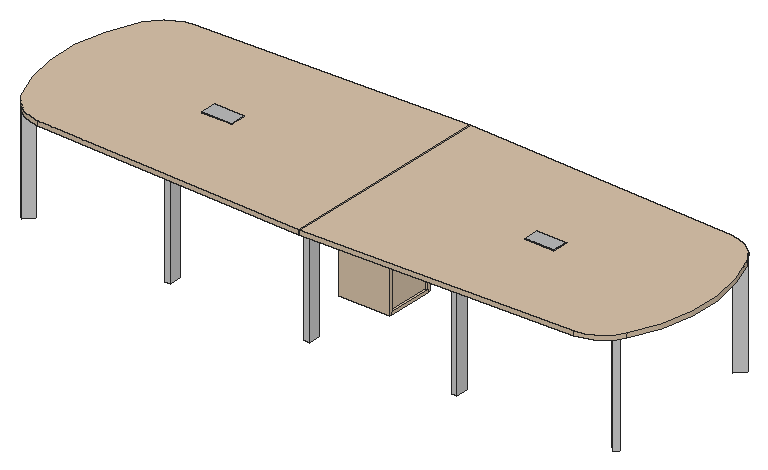
Revit family "Haworth_Planes_ConferenceTable_PebbleTwoPiece", category Furniture Systems, Revit 2018 (continued)
Definition of nested family "Haworth_Planes_Worksurface_Pebble_2Piece_PART"
  Definition of nested family "Haworth_Planes_Worksurface_Pebble42_TwoPiece_Part"
    Dimensions and locks (in)
      aligned and locked: plane 4 "Table Top" to Extrusion 9
      aligned and locked: plane 4 "Table Top" to Extrusion 10
      aligned and locked: plane 4 "Table Top" to Extrusion 1
      aligned and locked: plane 4 "Table Top" to Extrusion 5
      aligned and locked: plane 4 "Table Top" to Extrusion 7
      aligned and locked: plane 4 "Table Top" to Extrusion 2
      aligned and locked: plane 4 "Table Top" to Extrusion 3
      aligned and locked: plane 4 "Table Top" to Extrusion 4
      aligned and locked: plane 4 "Table Top" to Extrusion 6
      aligned and locked: plane 4 "Table Top" to Extrusion 8
      aligned and locked: Extrusion 1 to plane 5 "Table Bottom"
      aligned and locked: Extrusion 2 to plane 5 "Table Bottom"
      aligned and locked: Extrusion 3 to plane 5 "Table Bottom"
      aligned and locked: Extrusion 4 to plane 5 "Table Bottom"
      aligned and locked: Extrusion 5 to plane 5 "Table Bottom"
      aligned and locked: Extrusion 6 to plane 5 "Table Bottom"
      aligned and locked: Extrusion 10 to plane 5 "Table Bottom"
      aligned and locked: Extrusion 9 to plane 5 "Table Bottom"
      aligned and locked: Extrusion 7 to plane 5 "Table Bottom"
      aligned and locked: Extrusion 8 to plane 5 "Table Bottom"
      aligned and locked: plane 4 "Table Top" to Extrusion 20
      aligned and locked: plane 4 "Table Top" to Extrusion 19
      aligned and locked: plane 4 "Table Top" to Extrusion 18
      aligned and locked: plane 4 "Table Top" to Extrusion 17
      aligned and locked: plane 4 "Table Top" to Extrusion 16
      aligned and locked: plane 4 "Table Top" to Extrusion 15
      aligned and locked: plane 4 "Table Top" to Extrusion 14
      aligned and locked: plane 4 "Table Top" to Extrusion 13
      aligned and locked: plane 4 "Table Top" to Extrusion 12
      aligned and locked: plane 4 "Table Top" to Extrusion 11
      aligned and locked: Extrusion 20 to plane 5 "Table Bottom"
      aligned and locked: Extrusion 19 to plane 5 "Table Bottom"
      aligned and locked: Extrusion 18 to plane 5 "Table Bottom"
      aligned and locked: Extrusion 17 to plane 5 "Table Bottom"
      aligned and locked: Extrusion 16 to plane 5 "Table Bottom"
      aligned and locked: Extrusion 15 to plane 5 "Table Bottom"
      aligned and locked: Extrusion 14 to plane 5 "Table Bottom"
      aligned and locked: Extrusion 13 to plane 5 "Table Bottom"
      aligned and locked: Extrusion 12 to plane 5 "Table Bottom"
      aligned and locked: Extrusion 11 to plane 5 "Table Bottom"
    Automatic sketch dimensions
      plane 1 "Center F/B" to Extrusion 1 sketch curve = 0"
      Extrusion 1 sketch curve to plane 3 "Center L/R" = 0"
      Extrusion 1 sketch curve to plane 3 "Center L/R" = 1.43592"  (x2)
      Extrusion 1 sketch curve to plane 3 "Center L/R" = 17.68"
      plane 1 "Center F/B" to Extrusion 1 sketch curve = 6.38213"
      Extrusion 1 sketch curve to Extrusion 1 sketch curve = 32.37697"
      Extrusion 1 sketch curve to Extrusion 1 sketch curve = 0"  (x4)
      plane 1 "Center F/B" to Extrusion 1 sketch curve = 20.84"
      Extrusion 1 sketch curve to Extrusion 1 sketch curve = 452.04605"  (x2)
      Extrusion 1 sketch curve to plane 1 "Center F/B" = 6.38213"
      Extrusion 1 sketch curve to plane 1 "Center F/B" = 20.84"
      plane 1 "Center F/B" to Extrusion 2 sketch curve = 0"
      Extrusion 2 sketch curve to plane 3 "Center L/R" = 0"
      Extrusion 2 sketch curve to plane 3 "Center L/R" = 1.44756"  (x2)
      Extrusion 2 sketch curve to plane 3 "Center L/R" = 20.68"
      plane 1 "Center F/B" to Extrusion 2 sketch curve = 6.38304"
      Extrusion 2 sketch curve to Extrusion 2 sketch curve = 32.37679"
      Extrusion 2 sketch curve to Extrusion 2 sketch curve = 0"  (x4)
      plane 1 "Center F/B" to Extrusion 2 sketch curve = 20.84"
      Extrusion 2 sketch curve to Extrusion 2 sketch curve = 513.16616"  (x2)
      Extrusion 2 sketch curve to plane 1 "Center F/B" = 6.38304"
      Extrusion 2 sketch curve to plane 1 "Center F/B" = 20.84"
      plane 1 "Center F/B" to Extrusion 3 sketch curve = 0"
      Extrusion 3 sketch curve to plane 3 "Center L/R" = 0"
      Extrusion 3 sketch curve to plane 3 "Center L/R" = 1.45107"
      Extrusion 3 sketch curve to plane 3 "Center L/R" = 1.45589"
      Extrusion 3 sketch curve to plane 3 "Center L/R" = 23.68"
      Extrusion 3 sketch curve to plane 1 "Center F/B" = 6.3835"
      Extrusion 3 sketch curve to Extrusion 3 sketch curve = 32.3767"
      Extrusion 3 sketch curve to Extrusion 3 sketch curve = 0"  (x4)
      plane 1 "Center F/B" to Extrusion 3 sketch curve = 6.3835"
      plane 1 "Center F/B" to Extrusion 3 sketch curve = 20.84"
      Extrusion 3 sketch curve to Extrusion 3 sketch curve = 578.0439"
      Extrusion 3 sketch curve to plane 1 "Center F/B" = 20.84"
      Extrusion 3 sketch curve to Extrusion 3 sketch curve = 577.93384"
      plane 1 "Center F/B" to Extrusion 4 sketch curve = 0"
      Extrusion 4 sketch curve to plane 3 "Center L/R" = 0"
      Extrusion 4 sketch curve to plane 3 "Center L/R" = 1.45378"  (x2)
      Extrusion 4 sketch curve to plane 3 "Center L/R" = 26.68"
      plane 1 "Center F/B" to Extrusion 4 sketch curve = 6.38363"
      Extrusion 4 sketch curve to Extrusion 4 sketch curve = 32.37668"
      Extrusion 4 sketch curve to Extrusion 4 sketch curve = 0"  (x4)
      plane 1 "Center F/B" to Extrusion 4 sketch curve = 20.84"
      Extrusion 4 sketch curve to Extrusion 4 sketch curve = 646.53226"  (x2)
      Extrusion 4 sketch curve to plane 1 "Center F/B" = 6.38363"
      Extrusion 4 sketch curve to plane 1 "Center F/B" = 20.84"
      plane 1 "Center F/B" to Extrusion 5 sketch curve = 0"
      Extrusion 5 sketch curve to plane 3 "Center L/R" = 0"
      Extrusion 5 sketch curve to plane 3 "Center L/R" = 1.44104"  (x2)
      Extrusion 5 sketch curve to plane 3 "Center L/R" = 29.68"
      Extrusion 5 sketch curve to plane 1 "Center F/B" = 6.38352"
      Extrusion 5 sketch curve to Extrusion 5 sketch curve = 32.3767"
      Extrusion 5 sketch curve to Extrusion 5 sketch curve = 0"  (x4)
      plane 1 "Center F/B" to Extrusion 5 sketch curve = 6.38352"
      plane 1 "Center F/B" to Extrusion 5 sketch curve = 20.84"
      Extrusion 5 sketch curve to Extrusion 5 sketch curve = 719.00411"  (x2)
      Extrusion 5 sketch curve to plane 1 "Center F/B" = 20.84"
      plane 1 "Center F/B" to Extrusion 6 sketch curve = 0"
      Extrusion 6 sketch curve to plane 3 "Center L/R" = 0"
      Extrusion 6 sketch curve to plane 3 "Center L/R" = 1.46576"  (x2)
      Extrusion 6 sketch curve to plane 3 "Center L/R" = 32.68"
      plane 1 "Center F/B" to Extrusion 6 sketch curve = 6.38324"
      Extrusion 6 sketch curve to Extrusion 6 sketch curve = 32.37675"
      Extrusion 6 sketch curve to Extrusion 6 sketch curve = 0"  (x4)
      plane 1 "Center F/B" to Extrusion 6 sketch curve = 20.84"
      Extrusion 6 sketch curve to Extrusion 6 sketch curve = 794.11619"  (x2)
      Extrusion 6 sketch curve to plane 1 "Center F/B" = 6.38324"
      Extrusion 6 sketch curve to plane 1 "Center F/B" = 20.84"
      plane 1 "Center F/B" to Extrusion 7 sketch curve = 0"
      Extrusion 7 sketch curve to plane 3 "Center L/R" = 0"
      Extrusion 7 sketch curve to plane 3 "Center L/R" = 1.45681"  (x2)
      Extrusion 7 sketch curve to plane 3 "Center L/R" = 35.68"
      plane 1 "Center F/B" to Extrusion 7 sketch curve = 6.38283"
      Extrusion 7 sketch curve to Extrusion 7 sketch curve = 32.37683"
      Extrusion 7 sketch curve to Extrusion 7 sketch curve = 0"  (x4)
      plane 1 "Center F/B" to Extrusion 7 sketch curve = 20.84"
      Extrusion 7 sketch curve to Extrusion 7 sketch curve = 873.69956"  (x2)
      Extrusion 7 sketch curve to plane 1 "Center F/B" = 6.38283"
      Extrusion 7 sketch curve to plane 1 "Center F/B" = 20.84"
      plane 1 "Center F/B" to Extrusion 8 sketch curve = 0"
      Extrusion 8 sketch curve to plane 3 "Center L/R" = 0"
      Extrusion 8 sketch curve to plane 3 "Center L/R" = 1.44512"  (x2)
      Extrusion 8 sketch curve to plane 3 "Center L/R" = 38.68"
      Extrusion 8 sketch curve to plane 1 "Center F/B" = 6.38233"
      Extrusion 8 sketch curve to Extrusion 8 sketch curve = 32.37693"
      Extrusion 8 sketch curve to Extrusion 8 sketch curve = 0"  (x4)
      plane 1 "Center F/B" to Extrusion 8 sketch curve = 6.38233"
      plane 1 "Center F/B" to Extrusion 8 sketch curve = 20.84"
      Extrusion 8 sketch curve to Extrusion 8 sketch curve = 956.98347"  (x2)
      Extrusion 8 sketch curve to plane 1 "Center F/B" = 20.84"
      plane 1 "Center F/B" to Extrusion 9 sketch curve = 0"
      Extrusion 9 sketch curve to plane 3 "Center L/R" = 0"
      Extrusion 9 sketch curve to plane 3 "Center L/R" = 1.44813"  (x2)
      Extrusion 9 sketch curve to plane 3 "Center L/R" = 41.68"
      Extrusion 9 sketch curve to plane 1 "Center F/B" = 6.38177"
      Extrusion 9 sketch curve to Extrusion 9 sketch curve = 32.37704"
      Extrusion 9 sketch curve to Extrusion 9 sketch curve = 0"  (x4)
      plane 1 "Center F/B" to Extrusion 9 sketch curve = 6.38177"
      plane 1 "Center F/B" to Extrusion 9 sketch curve = 20.84"
      Extrusion 9 sketch curve to Extrusion 9 sketch curve = 1043.45384"  (x2)
      Extrusion 9 sketch curve to plane 1 "Center F/B" = 20.84"
      plane 1 "Center F/B" to Extrusion 10 sketch curve = 0"
      Extrusion 10 sketch curve to plane 3 "Center L/R" = 0"
      Extrusion 10 sketch curve to plane 3 "Center L/R" = 1.46877"  (x2)
      Extrusion 10 sketch curve to plane 3 "Center L/R" = 44.68"
      plane 1 "Center F/B" to Extrusion 10 sketch curve = 6.38116"
      Extrusion 10 sketch curve to Extrusion 10 sketch curve = 32.37716"
      Extrusion 10 sketch curve to Extrusion 10 sketch curve = 0"  (x4)
      plane 1 "Center F/B" to Extrusion 10 sketch curve = 20.84"
      Extrusion 10 sketch curve to Extrusion 10 sketch curve = 1132.96611"  (x2)
      Extrusion 10 sketch curve to plane 1 "Center F/B" = 6.38116"
      Extrusion 10 sketch curve to plane 1 "Center F/B" = 20.84"
      plane 1 "Center F/B" to Masking region 1 sketch curve = 0"
      Masking region 1 sketch curve to plane 3 "Center L/R" = 0"
      Masking region 1 sketch curve to plane 3 "Center L/R" = 1.43592"  (x2)
      Masking region 1 sketch curve to plane 3 "Center L/R" = 17.68"
      plane 1 "Center F/B" to Masking region 1 sketch curve = 6.38213"
      Masking region 1 sketch curve to Masking region 1 sketch curve = 32.37697"
      Masking region 1 sketch curve to Masking region 1 sketch curve = 0"  (x4)
      plane 1 "Center F/B" to Masking region 1 sketch curve = 20.84"
      Masking region 1 sketch curve to Masking region 1 sketch curve = 452.04605"  (x2)
      Masking region 1 sketch curve to plane 1 "Center F/B" = 6.38213"
      Masking region 1 sketch curve to plane 1 "Center F/B" = 20.84"
      plane 1 "Center F/B" to Masking region 2 sketch curve = 0"
      Masking region 2 sketch curve to plane 3 "Center L/R" = 0"
      Masking region 2 sketch curve to plane 3 "Center L/R" = 1.44756"  (x2)
      Masking region 2 sketch curve to plane 3 "Center L/R" = 20.68"
      plane 1 "Center F/B" to Masking region 2 sketch curve = 6.38304"
      Masking region 2 sketch curve to Masking region 2 sketch curve = 32.37679"
      Masking region 2 sketch curve to Masking region 2 sketch curve = 0"  (x4)
      plane 1 "Center F/B" to Masking region 2 sketch curve = 20.84"
      Masking region 2 sketch curve to Masking region 2 sketch curve = 513.16616"  (x2)
      Masking region 2 sketch curve to plane 1 "Center F/B" = 6.38304"
      Masking region 2 sketch curve to plane 1 "Center F/B" = 20.84"
      plane 1 "Center F/B" to Masking region 3 sketch curve = 0"
      Masking region 3 sketch curve to plane 3 "Center L/R" = 0"
      Masking region 3 sketch curve to plane 3 "Center L/R" = 1.45107"
      Masking region 3 sketch curve to plane 3 "Center L/R" = 1.45589"
      Masking region 3 sketch curve to plane 3 "Center L/R" = 23.68"
      Masking region 3 sketch curve to plane 1 "Center F/B" = 6.3835"
      Masking region 3 sketch curve to Masking region 3 sketch curve = 32.3767"
      Masking region 3 sketch curve to Masking region 3 sketch curve = 0"  (x4)
      plane 1 "Center F/B" to Masking region 3 sketch curve = 6.3835"
      plane 1 "Center F/B" to Masking region 3 sketch curve = 20.84"
      Masking region 3 sketch curve to Masking region 3 sketch curve = 578.0439"
      Masking region 3 sketch curve to plane 1 "Center F/B" = 20.84"
      Masking region 3 sketch curve to Masking region 3 sketch curve = 577.93384"
      plane 1 "Center F/B" to Masking region 4 sketch curve = 0"
      Masking region 4 sketch curve to plane 3 "Center L/R" = 0"
      Masking region 4 sketch curve to plane 3 "Center L/R" = 1.45378"  (x2)
      Masking region 4 sketch curve to plane 3 "Center L/R" = 26.68"
      plane 1 "Center F/B" to Masking region 4 sketch curve = 6.38363"
      Masking region 4 sketch curve to Masking region 4 sketch curve = 32.37668"
      Masking region 4 sketch curve to Masking region 4 sketch curve = 0"  (x4)
      plane 1 "Center F/B" to Masking region 4 sketch curve = 20.84"
      Masking region 4 sketch curve to Masking region 4 sketch curve = 646.53226"  (x2)
      Masking region 4 sketch curve to plane 1 "Center F/B" = 6.38363"
      Masking region 4 sketch curve to plane 1 "Center F/B" = 20.84"
      plane 1 "Center F/B" to Masking region 5 sketch curve = 0"
      Masking region 5 sketch curve to plane 3 "Center L/R" = 0"
      Masking region 5 sketch curve to plane 3 "Center L/R" = 1.44104"  (x2)
      Masking region 5 sketch curve to plane 3 "Center L/R" = 29.68"
      plane 1 "Center F/B" to Masking region 5 sketch curve = 6.38352"
      Masking region 5 sketch curve to Masking region 5 sketch curve = 32.3767"
      Masking region 5 sketch curve to Masking region 5 sketch curve = 0"  (x4)
      plane 1 "Center F/B" to Masking region 5 sketch curve = 20.84"
      Masking region 5 sketch curve to Masking region 5 sketch curve = 719.00411"  (x2)
      Masking region 5 sketch curve to plane 1 "Center F/B" = 6.38352"
      Masking region 5 sketch curve to plane 1 "Center F/B" = 20.84"
      plane 1 "Center F/B" to Masking region 6 sketch curve = 0"
      Masking region 6 sketch curve to plane 3 "Center L/R" = 0"
      Masking region 6 sketch curve to plane 3 "Center L/R" = 1.46576"  (x2)
      Masking region 6 sketch curve to plane 3 "Center L/R" = 32.68"
      plane 1 "Center F/B" to Masking region 6 sketch curve = 6.38324"
      Masking region 6 sketch curve to Masking region 6 sketch curve = 32.37675"
      Masking region 6 sketch curve to Masking region 6 sketch curve = 0"  (x4)
      plane 1 "Center F/B" to Masking region 6 sketch curve = 20.84"
      Masking region 6 sketch curve to Masking region 6 sketch curve = 794.11619"  (x2)
      Masking region 6 sketch curve to plane 1 "Center F/B" = 6.38324"
      Masking region 6 sketch curve to plane 1 "Center F/B" = 20.84"
      plane 1 "Center F/B" to Masking region 7 sketch curve = 0"
      Masking region 7 sketch curve to plane 3 "Center L/R" = 0"
      Masking region 7 sketch curve to plane 3 "Center L/R" = 1.45681"  (x2)
      Masking region 7 sketch curve to plane 3 "Center L/R" = 35.68"
      plane 1 "Center F/B" to Masking region 7 sketch curve = 6.38283"
      Masking region 7 sketch curve to Masking region 7 sketch curve = 32.37683"
      Masking region 7 sketch curve to Masking region 7 sketch curve = 0"  (x4)
      plane 1 "Center F/B" to Masking region 7 sketch curve = 20.84"
      Masking region 7 sketch curve to Masking region 7 sketch curve = 873.69956"  (x2)
      Masking region 7 sketch curve to plane 1 "Center F/B" = 6.38283"
      Masking region 7 sketch curve to plane 1 "Center F/B" = 20.84"
      plane 1 "Center F/B" to Masking region 8 sketch curve = 0"
      Masking region 8 sketch curve to plane 3 "Center L/R" = 0"
      Masking region 8 sketch curve to plane 3 "Center L/R" = 1.44512"  (x2)
      Masking region 8 sketch curve to plane 3 "Center L/R" = 38.68"
      plane 1 "Center F/B" to Masking region 8 sketch curve = 6.38233"
      Masking region 8 sketch curve to Masking region 8 sketch curve = 32.37693"
      Masking region 8 sketch curve to Masking region 8 sketch curve = 0"  (x4)
      plane 1 "Center F/B" to Masking region 8 sketch curve = 20.84"
      Masking region 8 sketch curve to Masking region 8 sketch curve = 956.98347"  (x2)
      Masking region 8 sketch curve to plane 1 "Center F/B" = 6.38233"
      Masking region 8 sketch curve to plane 1 "Center F/B" = 20.84"
      plane 1 "Center F/B" to Masking region 9 sketch curve = 0"
      Masking region 9 sketch curve to plane 3 "Center L/R" = 0"
      Masking region 9 sketch curve to plane 3 "Center L/R" = 1.44813"  (x2)
      Masking region 9 sketch curve to plane 3 "Center L/R" = 41.68"
      plane 1 "Center F/B" to Masking region 9 sketch curve = 6.38177"
      Masking region 9 sketch curve to Masking region 9 sketch curve = 32.37704"
      Masking region 9 sketch curve to Masking region 9 sketch curve = 0"  (x4)
      plane 1 "Center F/B" to Masking region 9 sketch curve = 20.84"
      Masking region 9 sketch curve to Masking region 9 sketch curve = 1043.45384"  (x2)
      Masking region 9 sketch curve to plane 1 "Center F/B" = 6.38177"
      Masking region 9 sketch curve to plane 1 "Center F/B" = 20.84"
      plane 1 "Center F/B" to Masking region 10 sketch curve = 0"
      Masking region 10 sketch curve to plane 3 "Center L/R" = 0"
      Masking region 10 sketch curve to plane 3 "Center L/R" = 1.46877"  (x2)
      Masking region 10 sketch curve to plane 3 "Center L/R" = 44.68"
      plane 1 "Center F/B" to Masking region 10 sketch curve = 6.38116"
      Masking region 10 sketch curve to Masking region 10 sketch curve = 32.37716"
      Masking region 10 sketch curve to Masking region 10 sketch curve = 0"  (x4)
      plane 1 "Center F/B" to Masking region 10 sketch curve = 20.84"
      Masking region 10 sketch curve to Masking region 10 sketch curve = 1132.96611"  (x2)
      Masking region 10 sketch curve to plane 1 "Center F/B" = 6.38116"
      Masking region 10 sketch curve to plane 1 "Center F/B" = 20.84"
      plane 1 "Center F/B" to Extrusion 11 sketch curve = 0"
      Extrusion 11 sketch curve to plane 3 "Center L/R" = 0"
      Extrusion 11 sketch curve to plane 3 "Center L/R" = 1.43592"  (x2)
      Extrusion 11 sketch curve to plane 3 "Center L/R" = 17.68"
      Extrusion 11 sketch curve to plane 1 "Center F/B" = 6.38213"
      Extrusion 11 sketch curve to Extrusion 11 sketch curve = 32.37697"
      Extrusion 11 sketch curve to Extrusion 11 sketch curve = 0"  (x4)
      Extrusion 11 sketch curve to plane 1 "Center F/B" = 20.84"
      Extrusion 11 sketch curve to Extrusion 11 sketch curve = 452.04605"  (x2)
      plane 1 "Center F/B" to Extrusion 11 sketch curve = 6.38213"
      plane 1 "Center F/B" to Extrusion 11 sketch curve = 20.84"
      plane 1 "Center F/B" to Extrusion 12 sketch curve = 0"
      Extrusion 12 sketch curve to plane 3 "Center L/R" = 0"
      Extrusion 12 sketch curve to plane 3 "Center L/R" = 1.44756"  (x2)
      Extrusion 12 sketch curve to plane 3 "Center L/R" = 20.68"
      Extrusion 12 sketch curve to plane 1 "Center F/B" = 6.38304"
      Extrusion 12 sketch curve to Extrusion 12 sketch curve = 32.37679"
      Extrusion 12 sketch curve to Extrusion 12 sketch curve = 0"  (x4)
      Extrusion 12 sketch curve to plane 1 "Center F/B" = 20.84"
      Extrusion 12 sketch curve to Extrusion 12 sketch curve = 513.16616"  (x2)
      plane 1 "Center F/B" to Extrusion 12 sketch curve = 6.38304"
      plane 1 "Center F/B" to Extrusion 12 sketch curve = 20.84"
      plane 1 "Center F/B" to Extrusion 13 sketch curve = 0"
      Extrusion 13 sketch curve to plane 3 "Center L/R" = 0"
      Extrusion 13 sketch curve to plane 3 "Center L/R" = 1.45107"
      Extrusion 13 sketch curve to plane 3 "Center L/R" = 1.45589"
      Extrusion 13 sketch curve to plane 3 "Center L/R" = 23.68"
      plane 1 "Center F/B" to Extrusion 13 sketch curve = 6.3835"
      Extrusion 13 sketch curve to Extrusion 13 sketch curve = 32.3767"
      Extrusion 13 sketch curve to Extrusion 13 sketch curve = 0"  (x4)
      Extrusion 13 sketch curve to plane 1 "Center F/B" = 6.3835"
      Extrusion 13 sketch curve to plane 1 "Center F/B" = 20.84"
      Extrusion 13 sketch curve to Extrusion 13 sketch curve = 578.0439"
      plane 1 "Center F/B" to Extrusion 13 sketch curve = 20.84"
      Extrusion 13 sketch curve to Extrusion 13 sketch curve = 577.93384"
      plane 1 "Center F/B" to Extrusion 14 sketch curve = 0"
      Extrusion 14 sketch curve to plane 3 "Center L/R" = 0"
      Extrusion 14 sketch curve to plane 3 "Center L/R" = 1.45378"  (x2)
      Extrusion 14 sketch curve to plane 3 "Center L/R" = 26.68"
      Extrusion 14 sketch curve to plane 1 "Center F/B" = 6.38363"
      Extrusion 14 sketch curve to Extrusion 14 sketch curve = 32.37668"
      Extrusion 14 sketch curve to Extrusion 14 sketch curve = 0"  (x4)
      Extrusion 14 sketch curve to plane 1 "Center F/B" = 20.84"
      Extrusion 14 sketch curve to Extrusion 14 sketch curve = 646.53226"  (x2)
      plane 1 "Center F/B" to Extrusion 14 sketch curve = 6.38363"
      plane 1 "Center F/B" to Extrusion 14 sketch curve = 20.84"
      plane 1 "Center F/B" to Extrusion 15 sketch curve = 0"
      Extrusion 15 sketch curve to plane 3 "Center L/R" = 0"
      Extrusion 15 sketch curve to plane 3 "Center L/R" = 1.44104"  (x2)
      Extrusion 15 sketch curve to plane 3 "Center L/R" = 29.68"
      plane 1 "Center F/B" to Extrusion 15 sketch curve = 6.38352"
      Extrusion 15 sketch curve to Extrusion 15 sketch curve = 32.3767"
      Extrusion 15 sketch curve to Extrusion 15 sketch curve = 0"  (x4)
      Extrusion 15 sketch curve to plane 1 "Center F/B" = 6.38352"
      Extrusion 15 sketch curve to plane 1 "Center F/B" = 20.84"
      Extrusion 15 sketch curve to Extrusion 15 sketch curve = 719.00411"  (x2)
      plane 1 "Center F/B" to Extrusion 15 sketch curve = 20.84"
      plane 1 "Center F/B" to Extrusion 16 sketch curve = 0"
      Extrusion 16 sketch curve to plane 3 "Center L/R" = 0"
      Extrusion 16 sketch curve to plane 3 "Center L/R" = 1.46576"  (x2)
      Extrusion 16 sketch curve to plane 3 "Center L/R" = 32.68"
      Extrusion 16 sketch curve to plane 1 "Center F/B" = 6.38324"
      Extrusion 16 sketch curve to Extrusion 16 sketch curve = 32.37675"
      Extrusion 16 sketch curve to Extrusion 16 sketch curve = 0"  (x4)
      Extrusion 16 sketch curve to plane 1 "Center F/B" = 20.84"
      Extrusion 16 sketch curve to Extrusion 16 sketch curve = 794.11619"  (x2)
      plane 1 "Center F/B" to Extrusion 16 sketch curve = 6.38324"
      plane 1 "Center F/B" to Extrusion 16 sketch curve = 20.84"
      plane 1 "Center F/B" to Extrusion 17 sketch curve = 0"
      Extrusion 17 sketch curve to plane 3 "Center L/R" = 0"
      Extrusion 17 sketch curve to plane 3 "Center L/R" = 1.45681"  (x2)
      Extrusion 17 sketch curve to plane 3 "Center L/R" = 35.68"
      Extrusion 17 sketch curve to plane 1 "Center F/B" = 6.38283"
      Extrusion 17 sketch curve to Extrusion 17 sketch curve = 32.37683"
      Extrusion 17 sketch curve to Extrusion 17 sketch curve = 0"  (x4)
      Extrusion 17 sketch curve to plane 1 "Center F/B" = 20.84"
      Extrusion 17 sketch curve to Extrusion 17 sketch curve = 873.69956"  (x2)
      plane 1 "Center F/B" to Extrusion 17 sketch curve = 6.38283"
      plane 1 "Center F/B" to Extrusion 17 sketch curve = 20.84"
      plane 1 "Center F/B" to Extrusion 18 sketch curve = 0"
      Extrusion 18 sketch curve to plane 3 "Center L/R" = 0"
      Extrusion 18 sketch curve to plane 3 "Center L/R" = 1.44512"  (x2)
      Extrusion 18 sketch curve to plane 3 "Center L/R" = 38.68"
      plane 1 "Center F/B" to Extrusion 18 sketch curve = 6.38233"
      Extrusion 18 sketch curve to Extrusion 18 sketch curve = 32.37693"
      Extrusion 18 sketch curve to Extrusion 18 sketch curve = 0"  (x4)
      Extrusion 18 sketch curve to plane 1 "Center F/B" = 6.38233"
      Extrusion 18 sketch curve to plane 1 "Center F/B" = 20.84"
      Extrusion 18 sketch curve to Extrusion 18 sketch curve = 956.98347"  (x2)
      plane 1 "Center F/B" to Extrusion 18 sketch curve = 20.84"
      plane 1 "Center F/B" to Extrusion 19 sketch curve = 0"
      Extrusion 19 sketch curve to plane 3 "Center L/R" = 0"
      Extrusion 19 sketch curve to plane 3 "Center L/R" = 1.44813"  (x2)
      Extrusion 19 sketch curve to plane 3 "Center L/R" = 41.68"
      plane 1 "Center F/B" to Extrusion 19 sketch curve = 6.38177"
      Extrusion 19 sketch curve to Extrusion 19 sketch curve = 32.37704"
      Extrusion 19 sketch curve to Extrusion 19 sketch curve = 0"  (x4)
      Extrusion 19 sketch curve to plane 1 "Center F/B" = 6.38177"
      Extrusion 19 sketch curve to plane 1 "Center F/B" = 20.84"
      Extrusion 19 sketch curve to Extrusion 19 sketch curve = 1043.45384"  (x2)
      plane 1 "Center F/B" to Extrusion 19 sketch curve = 20.84"
      plane 1 "Center F/B" to Extrusion 20 sketch curve = 0"
      Extrusion 20 sketch curve to plane 3 "Center L/R" = 0"
      Extrusion 20 sketch curve to plane 3 "Center L/R" = 1.46877"  (x2)
      Extrusion 20 sketch curve to plane 3 "Center L/R" = 44.68"
      Extrusion 20 sketch curve to plane 1 "Center F/B" = 6.38116"
      Extrusion 20 sketch curve to Extrusion 20 sketch curve = 32.37716"
      Extrusion 20 sketch curve to Extrusion 20 sketch curve = 0"  (x4)
      Extrusion 20 sketch curve to plane 1 "Center F/B" = 20.84"
      Extrusion 20 sketch curve to Extrusion 20 sketch curve = 1132.96611"  (x2)
      plane 1 "Center F/B" to Extrusion 20 sketch curve = 6.38116"
      plane 1 "Center F/B" to Extrusion 20 sketch curve = 20.84"
      Masking region 11 sketch curve to plane 3 "Center L/R" = 0"
      plane 1 "Center F/B" to Masking region 11 sketch curve = 0"
      plane 1 "Center F/B" to Masking region 11 sketch curve = 6.38213"
      plane 1 "Center F/B" to Masking region 11 sketch curve = 20.84"
      plane 3 "Center L/R" to Masking region 11 sketch curve = 1.43592"  (x2)
      Masking region 11 sketch curve to Masking region 11 sketch curve = 452.04605"  (x2)
      Masking region 11 sketch curve to plane 1 "Center F/B" = 6.38213"
      Masking region 11 sketch curve to plane 1 "Center F/B" = 20.84"
      plane 3 "Center L/R" to Masking region 11 sketch curve = 17.68"
      Masking region 11 sketch curve to Masking region 11 sketch curve = 32.37697"
      Masking region 11 sketch curve to Masking region 11 sketch curve = 0"  (x3)
      plane 1 "Center F/B" to Masking region 11 sketch curve = 8.70291"
      Masking region 12 sketch curve to plane 3 "Center L/R" = 0"
      plane 1 "Center F/B" to Masking region 12 sketch curve = 0"
      plane 1 "Center F/B" to Masking region 12 sketch curve = 6.38304"
      plane 1 "Center F/B" to Masking region 12 sketch curve = 20.84"
      plane 3 "Center L/R" to Masking region 12 sketch curve = 1.44756"  (x2)
      Masking region 12 sketch curve to Masking region 12 sketch curve = 513.16616"  (x2)
      Masking region 12 sketch curve to plane 1 "Center F/B" = 6.38304"
      Masking region 12 sketch curve to plane 1 "Center F/B" = 20.84"
      plane 3 "Center L/R" to Masking region 12 sketch curve = 20.68"
      Masking region 12 sketch curve to Masking region 12 sketch curve = 32.37679"
      Masking region 12 sketch curve to Masking region 12 sketch curve = 0"  (x3)
      plane 1 "Center F/B" to Masking region 12 sketch curve = 8.70415"
      Masking region 13 sketch curve to plane 3 "Center L/R" = 0"
      plane 1 "Center F/B" to Masking region 13 sketch curve = 0"
      plane 1 "Center F/B" to Masking region 13 sketch curve = 6.3835"
      plane 1 "Center F/B" to Masking region 13 sketch curve = 20.84"
      plane 3 "Center L/R" to Masking region 13 sketch curve = 1.45107"
      Masking region 13 sketch curve to Masking region 13 sketch curve = 578.0439"
      Masking region 13 sketch curve to plane 1 "Center F/B" = 6.3835"
      Masking region 13 sketch curve to plane 1 "Center F/B" = 20.84"
      plane 3 "Center L/R" to Masking region 13 sketch curve = 1.45589"
      Masking region 13 sketch curve to Masking region 13 sketch curve = 577.93384"
      plane 3 "Center L/R" to Masking region 13 sketch curve = 23.68"
      Masking region 13 sketch curve to Masking region 13 sketch curve = 32.3767"
      Masking region 13 sketch curve to Masking region 13 sketch curve = 0"  (x3)
      plane 1 "Center F/B" to Masking region 13 sketch curve = 8.70477"
      Masking region 14 sketch curve to plane 3 "Center L/R" = 0"
      plane 1 "Center F/B" to Masking region 14 sketch curve = 0"
      plane 1 "Center F/B" to Masking region 14 sketch curve = 6.38363"
      plane 1 "Center F/B" to Masking region 14 sketch curve = 20.84"
      plane 3 "Center L/R" to Masking region 14 sketch curve = 1.45378"  (x2)
      Masking region 14 sketch curve to Masking region 14 sketch curve = 646.53226"  (x2)
      Masking region 14 sketch curve to plane 1 "Center F/B" = 6.38363"
      Masking region 14 sketch curve to plane 1 "Center F/B" = 20.84"
      plane 3 "Center L/R" to Masking region 14 sketch curve = 26.68"
      Masking region 14 sketch curve to Masking region 14 sketch curve = 32.37668"
      Masking region 14 sketch curve to Masking region 14 sketch curve = 0"  (x3)
      plane 1 "Center F/B" to Masking region 14 sketch curve = 8.70495"
      Masking region 15 sketch curve to plane 3 "Center L/R" = 0"
      plane 1 "Center F/B" to Masking region 15 sketch curve = 0"
      plane 1 "Center F/B" to Masking region 15 sketch curve = 6.38352"
      plane 1 "Center F/B" to Masking region 15 sketch curve = 20.84"
      plane 3 "Center L/R" to Masking region 15 sketch curve = 1.44104"  (x2)
      Masking region 15 sketch curve to Masking region 15 sketch curve = 719.00411"  (x2)
      Masking region 15 sketch curve to plane 1 "Center F/B" = 6.38352"
      Masking region 15 sketch curve to plane 1 "Center F/B" = 20.84"
      plane 3 "Center L/R" to Masking region 15 sketch curve = 29.68"
      Masking region 15 sketch curve to Masking region 15 sketch curve = 32.3767"
      Masking region 15 sketch curve to Masking region 15 sketch curve = 0"  (x3)
      plane 1 "Center F/B" to Masking region 15 sketch curve = 8.70481"
      Masking region 16 sketch curve to plane 3 "Center L/R" = 0"
      plane 1 "Center F/B" to Masking region 16 sketch curve = 0"
      plane 1 "Center F/B" to Masking region 16 sketch curve = 6.38324"
      plane 1 "Center F/B" to Masking region 16 sketch curve = 20.84"
      plane 3 "Center L/R" to Masking region 16 sketch curve = 1.46576"  (x2)
      Masking region 16 sketch curve to Masking region 16 sketch curve = 794.11619"  (x2)
      Masking region 16 sketch curve to plane 1 "Center F/B" = 6.38324"
      Masking region 16 sketch curve to plane 1 "Center F/B" = 20.84"
      plane 3 "Center L/R" to Masking region 16 sketch curve = 32.68"
      Masking region 16 sketch curve to Masking region 16 sketch curve = 32.37675"
      Masking region 16 sketch curve to Masking region 16 sketch curve = 0"  (x3)
      plane 1 "Center F/B" to Masking region 16 sketch curve = 8.70442"
      Masking region 17 sketch curve to plane 3 "Center L/R" = 0"
      plane 1 "Center F/B" to Masking region 17 sketch curve = 0"
      plane 1 "Center F/B" to Masking region 17 sketch curve = 6.38283"
      plane 1 "Center F/B" to Masking region 17 sketch curve = 20.84"
      plane 3 "Center L/R" to Masking region 17 sketch curve = 1.45681"  (x2)
      Masking region 17 sketch curve to Masking region 17 sketch curve = 873.69956"  (x2)
      Masking region 17 sketch curve to plane 1 "Center F/B" = 6.38283"
      Masking region 17 sketch curve to plane 1 "Center F/B" = 20.84"
      plane 3 "Center L/R" to Masking region 17 sketch curve = 35.68"
      Masking region 17 sketch curve to Masking region 17 sketch curve = 32.37683"
      Masking region 17 sketch curve to Masking region 17 sketch curve = 0"  (x3)
      plane 1 "Center F/B" to Masking region 17 sketch curve = 8.70387"
      Masking region 18 sketch curve to plane 3 "Center L/R" = 0"
      plane 1 "Center F/B" to Masking region 18 sketch curve = 0"
      plane 1 "Center F/B" to Masking region 18 sketch curve = 6.38233"
      plane 1 "Center F/B" to Masking region 18 sketch curve = 20.84"
      plane 3 "Center L/R" to Masking region 18 sketch curve = 1.44512"  (x2)
      Masking region 18 sketch curve to Masking region 18 sketch curve = 956.98347"  (x2)
      Masking region 18 sketch curve to plane 1 "Center F/B" = 6.38233"
      Masking region 18 sketch curve to plane 1 "Center F/B" = 20.84"
      plane 3 "Center L/R" to Masking region 18 sketch curve = 38.68"
      Masking region 18 sketch curve to Masking region 18 sketch curve = 32.37693"
      Masking region 18 sketch curve to Masking region 18 sketch curve = 0"  (x3)
      plane 1 "Center F/B" to Masking region 18 sketch curve = 8.70318"
      Masking region 19 sketch curve to plane 3 "Center L/R" = 0"
      plane 1 "Center F/B" to Masking region 19 sketch curve = 0"
      plane 1 "Center F/B" to Masking region 19 sketch curve = 6.38177"
      plane 1 "Center F/B" to Masking region 19 sketch curve = 20.84"
      plane 3 "Center L/R" to Masking region 19 sketch curve = 1.44813"  (x2)
      Masking region 19 sketch curve to Masking region 19 sketch curve = 1043.45384"  (x2)
      Masking region 19 sketch curve to plane 1 "Center F/B" = 6.38177"
      Masking region 19 sketch curve to plane 1 "Center F/B" = 20.84"
      plane 3 "Center L/R" to Masking region 19 sketch curve = 41.68"
      Masking region 19 sketch curve to Masking region 19 sketch curve = 32.37704"
      Masking region 19 sketch curve to Masking region 19 sketch curve = 0"  (x3)
      plane 1 "Center F/B" to Masking region 19 sketch curve = 8.70241"
      Masking region 20 sketch curve to plane 3 "Center L/R" = 0"
      plane 1 "Center F/B" to Masking region 20 sketch curve = 0"
      plane 1 "Center F/B" to Masking region 20 sketch curve = 6.38116"
      plane 1 "Center F/B" to Masking region 20 sketch curve = 20.84"
      plane 3 "Center L/R" to Masking region 20 sketch curve = 1.46877"  (x2)
      Masking region 20 sketch curve to Masking region 20 sketch curve = 1132.96611"  (x2)
      Masking region 20 sketch curve to plane 1 "Center F/B" = 6.38116"
      Masking region 20 sketch curve to plane 1 "Center F/B" = 20.84"
      plane 3 "Center L/R" to Masking region 20 sketch curve = 44.68"
      Masking region 20 sketch curve to Masking region 20 sketch curve = 32.37716"
      Masking region 20 sketch curve to Masking region 20 sketch curve = 0"  (x3)
      plane 1 "Center F/B" to Masking region 20 sketch curve = 8.70159"
      curve 1 to plane 3 "Center L/R" = 0"
      plane 1 "Center F/B" to curve 1 = 20.84"
      curve 1 to plane 1 "Center F/B" = 20.84"
Definition of nested family "Haworth_Worksurface_FlipTop_Unit_Part"
  Parameters (values of type "Flip Top")
    Warranty = "https://www.haworth.com/resources/product-info/warranties"
    URL - Product = "https://www.haworth.com/products/tables/conference/planes"
    URL = "www.haworth.com"
    Sustainability Info = "https://www.haworth.com/company-info/sustainability"
    Size = "Verify Final Dim. w/ Haworth"  # constant formula
    Revision Number = "2"  # constant formula
    Model = "Haworth_Worksurface-Flip_Top_Unit"  # constant formula
    Manufacturer = "Haworth"  # constant formula
    LEED Data = "www.haworth.com/_layouts/Haworth.ProductCatalog/Handlers/GetAsset.ashx/ComposeLEEDContributions.pdf?cid=27&rid=1824&type=Leed"
    Flip Top Finish = none
    Description = "Haworth Worksurface-Flip Top Unit - Part"
    Default Elevation = 48"
    Author = "Haworth (Alias), SHAPE Environments, LLC"  # constant formula
    Assembly Code = "E2020200"
    Actual Width = 8 1/4"
    Actual Depth = 4 3/8"
  Reference planes (in)
    plane 1 "Center F/B": y = 0.05249
    plane 2: z = 0
    plane 3 "Center L/R": x = 0.57037
    plane 4 "Back": y = 2.23999
    plane 5 "Right": x = 4.69537
    plane 6 "Front": y = -2.13501
    plane 7 "Left": x = -3.55463
    plane 8 "Table Height": z = 0
  Forms (in)
    Extrusion 1, solid, material <- "Flip Top Finish"
      sketch origin (0, 0, 0) x (-1, 0, 0) y (0, -1, 0)
        loop
          line (3.55463, -2.23999) -> (3.55463, 2.13501) -> (-4.69537, 2.13501) -> (-4.69537, -2.23999) -> (3.55463, -2.23999)
      from 0 to 0.125
    Extrusion 2, solid, material <- "Flip Top Finish"
      sketch origin (0, 0, 0) x (-1, 0, 0) y (0, -1, 0)
        loop
          line (3.42963, -2.05249) -> (3.42963, 1.94751) -> (-4.57037, 1.94751) -> (-4.57037, -2.05249) -> (3.42963, -2.05249)
      from 0 to -2.75
  Cuts and joins
    joined: Extrusion 1, Extrusion 2
  Lines and regions (in)
    Masking region 1
      outline origin (0, 0, 0) x (1, 0, 0) y (0, 1, 0)
        loop
          line (-3.55463, 2.23999) -> (-3.55463, -2.13501) -> (4.69537, -2.13501) -> (4.69537, 2.23999) -> (-3.55463, 2.23999)
  Dimensions and locks (in)
    equal spacing: plane 7 "Left", plane 3 "Center L/R", plane 5 "Right"
    "Actual Width": plane 7 "Left" to plane 5 "Right"
    equal spacing: plane 6 "Front", plane 1 "Center F/B", plane 4 "Back"
    "Actual Depth": plane 4 "Back" to plane 6 "Front"
    plane 7 "Left" to Extrusion 2 sketch curve = 1/8"
    plane 4 "Back" to Extrusion 2 sketch curve = 3/16"
    Extrusion 2 sketch curve to plane 5 "Right" = 1/8"
    Extrusion 2 sketch curve to plane 6 "Front" = 3/16"
    locked: plane 8 "Table Height" to level
    aligned and locked: plane 7 "Left" to Extrusion 1 sketch curve
    aligned and locked: Extrusion 1 sketch curve to plane 4 "Back"
    aligned and locked: plane 6 "Front" to Extrusion 1 sketch curve
    aligned and locked: Extrusion 1 sketch curve to plane 5 "Right"
    aligned and locked: Masking region 1 sketch curve to cut or joined group of Extrusion 1, Extrusion 2  (x3)
    aligned and locked: cut or joined group of Extrusion 1, Extrusion 2 to Masking region 1 sketch curve
